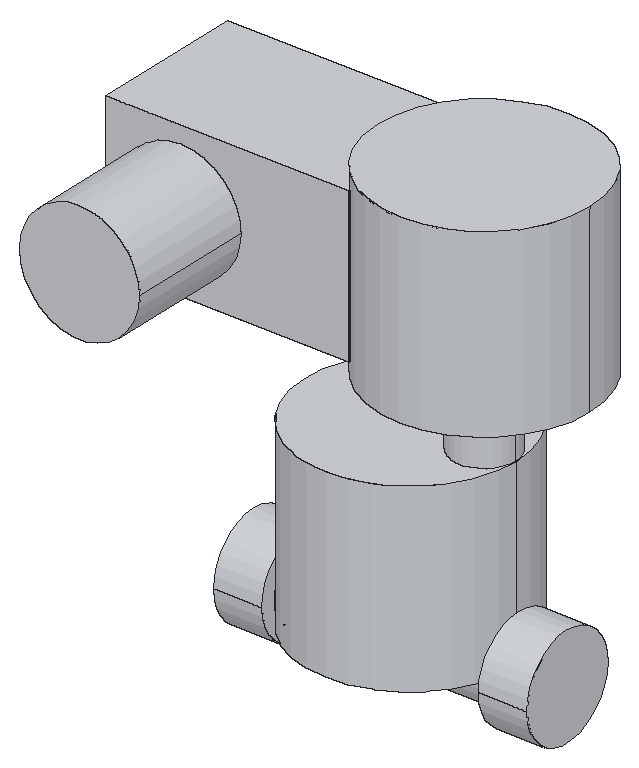
Revit family "M_Válvula solenóide - 15-80 mm", category Acessórios do tubo, Revit 2019
Family settings
  Cota do conector redondo = Usar raio
  Tipo de parte = Válvula - Quebra entre
  Número OmniClass = 23.65.55.14.17
  Título OmniClass = Adjusting/Controlling Valves for Liquid Services
  ID de item do Seek = Solenoid Valve - 15-80 mm-0000-CAN-ENU
  Com base no plano de trabalho = Não
  Sempre na vertical = Sim
  Corte com vazios quando carregada = Não
  Compartilhado = Não
Parameters (values of type "15 mm")
  Material da válvula = none
  Raio do símbolo = Diâmetro nominal * 5 / 20  # 3.75 mm
  Raio do tronco = Diâmetro do tronco / 2  # 6.5 mm
  Diâmetro do tronco = 13 mm
  Diâmetro externo da tubulação = Raio nominal * 2.25  # 16.875 mm
  Altura aberta = 91 mm
  Raio nominal = 7.5 mm
  Diâmetro nominal = Raio nominal * 2  # 15 mm
  Comprimento 3 = Diâmetro da chapeleta / 2.875  # 15.304 mm
  Comprimento 2 = Altura aberta / 1.38  # 65.942 mm
  Comprimento 1 = Diâmetro da carcaça da serpentina / 2 + 3.175 mm  # 15.621 mm
  Comprimento 4 = Altura aberta - Altura da meia serpentina  # 71.882 mm
  K Coefficient = 0.46
  Altura da meia serpentina = Altura da serpentina / 2  # 19.118 mm
  Largura do meio recobrimento de serpentina = Largura do recobrimento da serpentina / 2  # 15.931 mm
  Espessura do flange = 10 mm
  Raio da flange = Diâmetro da flange / 2  # 10.5 mm
  Diâmetro da flange = 21 mm
  Raio da serpentina = Diâmetro da serpentina / 2  # 22 mm
  Largura da carcaça da serpentina = 34 mm
  Raio da carcaça da serpentina = Diâmetro da carcaça da serpentina / 2  # 12.446 mm
  Diâmetro da carcaça da serpentina = Altura do recobrimento da serpentina / 1.28  # 24.893 mm
  Diâmetro da serpentina = Diâmetro da chapeleta  # 44 mm
  Largura do recobrimento da serpentina = Altura do recobrimento da serpentina  # 31.863 mm
  Altura do recobrimento da serpentina = Altura da serpentina / 1.2  # 31.863 mm
  Altura da serpentina = Altura da chapeleta  # 38.235 mm
  Altura do plugue inferior = 17 mm
  Diâmetro do plugue inferior = Diâmetro nominal  # 15 mm
  Raio da chapeleta = Diâmetro da chapeleta / 2  # 22 mm
  Altura da chapeleta = Altura aberta / 2.38  # 38.235 mm
  Diâmetro da chapeleta = 44 mm
  Comprimento do corpo = 65 mm
Types (8, lengths in mm): name | Raio do símbolo | Raio do tronco | Diâmetro do tronco | Diâmetro externo da tubulação | Altura aberta | Raio nominal | Diâmetro nominal | Comprimento 3 | Comprimento 2 | Comprimento 1 | Comprimento 4 | K Coefficient | Altura da meia serpentina | Largura do meio recobrimento de serpentina | Espessura do flange | Raio da flange | Diâmetro da flange | Raio da serpentina | Raio da carcaça da serpentina | Diâmetro da carcaça da serpentina | Diâmetro da serpentina | Largura do recobrimento da serpentina | Altura do recobrimento da serpentina | Altura da serpentina | Altura do plugue inferior | Diâmetro do plugue inferior | Raio da chapeleta | Altura da chapeleta | Diâmetro da chapeleta | Comprimento do corpo
  (no name) | 3.75 | 6.5 | 13 | 16.875 | 91 | 7.5 | 15 | 15.304 | 65.942 | 15.621 | 71.882 | 0.46 | 19.118 | 15.931 | 10 | 10.5 | 21 | 22 | 12.446 | 24.893 | 44 | 31.863 | 31.863 | 38.235 | 17 | 15 | 22 | 38.235 | 44 | 65
  15 mm | 3.75 | 6.5 | 13 | 16.875 | 91 | 7.5 | 15 | 15.304 | 65.942 | 15.621 | 71.882 | 0.46 | 19.118 | 15.931 | 10 | 10.5 | 21 | 22 | 12.446 | 24.893 | 44 | 31.863 | 31.863 | 38.235 | 17 | 15 | 22 | 38.235 | 44 | 65
  20 mm | 5 | 6.5 | 13 | 22.5 | 114 | 10 | 20 | 18.087 | 82.609 | 18.767 | 90.05 | 1.89 | 23.95 | 19.958 | 10 | 13.5 | 27 | 26 | 15.592 | 31.184 | 52 | 39.916 | 39.916 | 47.899 | 26 | 20 | 26 | 47.899 | 52 | 71
  25 mm | 6.25 | 9.5 | 19 | 28.125 | 118 | 12.5 | 25 | 23.304 | 85.507 | 19.314 | 93.21 | 1.84 | 24.79 | 20.658 | 11 | 17 | 34 | 33.5 | 16.139 | 32.279 | 67 | 41.317 | 41.317 | 49.58 | 30 | 25 | 33.5 | 49.58 | 67 | 96
  40 mm | 10 | 9.5 | 19 | 45 | 129 | 20 | 40 | 28.174 | 93.478 | 20.819 | 101.899 | 3.68 | 27.101 | 22.584 | 14 | 24 | 48 | 40.5 | 17.644 | 35.288 | 81 | 45.168 | 45.168 | 54.202 | 36 | 40 | 40.5 | 54.202 | 81 | 114
  50 mm | 12.5 | 11 | 22 | 56.25 | 135 | 25 | 50 | 33.739 | 97.826 | 21.639 | 106.639 | 3.95 | 28.361 | 23.634 | 16 | 30 | 60 | 48.5 | 18.464 | 36.929 | 97 | 47.269 | 47.269 | 56.723 | 44 | 50 | 48.5 | 56.723 | 97 | 128
  65 mm | 16.25 | 12.5 | 25 | 73.125 | 224 | 32.5 | 65 | 56.696 | 162.319 | 33.812 | 176.941 | 3.15 | 47.059 | 39.216 | 18 | 36.5 | 73 | 81.5 | 30.637 | 61.275 | 163 | 78.431 | 78.431 | 94.118 | 89 | 65 | 81.5 | 94.118 | 163 | 224
  80 mm | 20 | 12.5 | 25 | 90 | 224 | 40 | 80 | 56.696 | 162.319 | 33.812 | 176.941 | 4.61 | 47.059 | 39.216 | 19 | 44.5 | 89 | 81.5 | 30.637 | 61.275 | 163 | 78.431 | 78.431 | 94.118 | 89 | 80 | 81.5 | 94.118 | 163 | 224
Reference planes
  plane 1 "Centro (Frente/Trás)": y = 0
  plane 2: z = 0
  plane 3 "Centro (Esquerda/Direita)": x = 0
  plane 4: x = 15.304
  plane 5: x = 22.5
  plane 6: x = 32.5
  plane 7: x = -32.5
  plane 8: z = 38.235
  plane 9: x = -22.5
  plane 10: z = 71.882
  plane 11: z = 91
  plane 12: z = 52.765
  plane 13: y = 15.931
  plane 14: y = -15.931
  plane 15: z = 87.814
  plane 16: z = 55.951
  plane 17: x = -50.638
  plane 18: x = -35.016
  plane 19: y = -42.125
  plane 20: z = 64.618
Forms (mm)
  Extrusion 1, solid, material <- "Material da válvula", detail levels fine
    sketch origin (0, 0, 0) x (0, 1, 0) y (0, 0, 1)
      loop
        circle (0, 0) r 7.5
    from -22.5 to 22.5
  Extrusion 2, solid, material <- "Material da válvula", detail levels fine
    sketch origin (0, 0, 0) x (0, 1, 0) y (0, 0, 1)
      loop
        circle (0, 0) r 10.5
    from 22.5 to 32.5
  Extrusion 3, solid, material <- "Material da válvula", detail levels fine
    sketch origin (0, 0, 0) x (0, 1, 0) y (0, 0, -1)
      loop
        circle (0, 0) r 10.5
    from 22.5 to 32.5
  Extrusion 4, solid, material <- "Material da válvula", detail levels fine
    sketch origin (0, 0, 0) x (1, 0, 0) y (0, 1, 0)
      loop
        circle (0, 0) r 22
    from 0 to 38.235
  Extrusion 5, solid, material <- "Material da válvula", detail levels fine
    sketch origin (0, 0, 0) x (1, 0, 0) y (0, 1, 0)
      loop
        circle (15.304, 0) r 6.5
    from 38.235 to 52.765
  Extrusion 6, solid, material <- "Material da válvula", detail levels fine
    sketch origin (0, 0, 0) x (1, 0, 0) y (0, 1, 0)
      loop
        circle (15.304, 0) r 22
    from 52.765 to 91
  Extrusion 7, solid, material <- "Material da válvula", detail levels fine
    sketch origin (0, 0, 0) x (0, 1, 0) y (0, 0, 1)
      loop
        line (15.931, 87.814) -> (-15.931, 87.814) -> (-15.931, 55.951) -> (15.931, 55.951) -> (15.931, 87.814)
    from 0 to -50.638
  Extrusion 8, solid, material <- "Material da válvula", detail levels fine
    sketch origin (0, 0, 0) x (1, 0, 0) y (0, 0, 1)
      loop
        circle (-35.016, 71.882) r 12.446
    from 15.931 to 42.125
  Extrusion 9, solid, material <- "Material da válvula", detail levels fine
    sketch origin (0, 0, 0) x (0, 1, 0) y (0, 0, 1)
      loop
        line (15.931, 87.814) -> (-15.931, 87.814) -> (-15.931, 55.951) -> (15.931, 55.951) -> (15.931, 87.814)
    from -50.638 to 15.304
Cuts and joins
  joined: Extrusion 1, Extrusion 2, Extrusion 3, Extrusion 4, Extrusion 5, Extrusion 6
  joined: Extrusion 8, Extrusion 9
Lines and regions (mm)
  model lines, detail levels coarse+medium
    curve 1: line (0, 0, 0) -> (32.5, 0, 18.764)
    curve 2: line (0, 0, 0) -> (32.5, 0, -18.764)
    curve 3: line (32.5, 0, 18.764) -> (32.5, 0, -18.764)
    curve 4: line (-32.5, 0, 18.764) -> (-32.5, 0, -18.764)
    curve 5: line (-32.5, 0, -18.764) -> (0, 0, 0)
    curve 6: line (0, 0, 0) -> (-32.5, 0, 18.764)
    curve 7: line (0, 0, 0) -> (0, 0, 38.235)
    curve 8: line (22.5, 0, 38.235) -> (-22.5, 0, 38.235)
    curve 9: line (-22.5, 0, 38.235) -> (-22.5, 0, 91)
    curve 10: line (-22.5, 0, 91) -> (22.5, 0, 91)
    curve 11: line (22.5, 0, 91) -> (22.5, 0, 38.235)
    curve 12: arc (0, 0, 64.618) -> (-2.652, 0, 71.019) -> (3.75, 0, 68.368) r 3.75
    curve 13: arc (0, 0, 64.618) -> (2.652, 0, 58.216) -> (-3.75, 0, 60.868) r 3.75
Dimensions and locks
  equal spacing: plane 7, plane 3 "Centro (Esquerda/Direita)", plane 6
  "Comprimento do corpo": plane 7 to plane 6
  "Altura da chapeleta": plane 8 to plane 2
  "Comprimento 4": plane 10 to plane 2
  "Altura da meia serpentina": plane 11 to plane 10
  equal spacing: plane 11, plane 10, plane 12
  "Largura do meio recobrimento de serpentina": plane 1 "Centro (Frente/Trás)" to plane 14
  equal spacing: plane 13, plane 1 "Centro (Frente/Trás)", plane 14
  equal spacing: plane 15, plane 10, plane 16
  "Largura do meio recobrimento de serpentina": plane 15 to plane 10
  "Comprimento 2": plane 4 to plane 17
  "Comprimento 1": plane 18 to plane 17
  locked: plane 14 to plane 19 at 26.194
  "Espessura do flange": plane 7 to plane 9
  "Espessura do flange": plane 6 to plane 5
  "Comprimento 3": plane 3 "Centro (Esquerda/Direita)" to plane 4
  equal spacing: plane 11, plane 20, plane 8
  plane 10 to plane 20 to Extrusion 9 = 7.265 mm, 8.667 mm
  "Raio nominal": radius of Extrusion 1 sketch curve
  "Raio da flange": radius of Extrusion 2 sketch curve
  "Raio da flange": radius of Extrusion 3 sketch curve
  "Raio da chapeleta": radius of Extrusion 4 sketch curve
  "Raio do tronco": radius of Extrusion 5 sketch curve
  "Raio da serpentina": radius of Extrusion 6 sketch curve
  "Raio da carcaça da serpentina": radius of Extrusion 8 sketch curve
  "Raio do símbolo": radius of curve 13
  "Raio do símbolo": radius of curve 12
  locked: level to curve 1 (angle 30.00°)
  locked: curve 2 to level (angle 30.00°)
  locked: curve 6 to level (angle 30.00°)
  locked: plane 2 to curve 5 (angle 30.00°)
  aligned and locked: plane 1 "Centro (Frente/Trás)" to Extrusion 1 sketch curve
  aligned and locked: plane 2 to Extrusion 1 sketch curve
  aligned and locked: plane 1 "Centro (Frente/Trás)" to Extrusion 2 sketch curve
  aligned and locked: plane 2 to Extrusion 2 sketch curve
  aligned and locked: plane 6 to Extrusion 2
  aligned and locked: Extrusion 2 to plane 5
  aligned and locked: plane 5 to Extrusion 1
  aligned and locked: plane 9 to Extrusion 1
  aligned and locked: plane 7 to Extrusion 3
  aligned and locked: Extrusion 3 to Extrusion 1
  aligned and locked: plane 3 "Centro (Esquerda/Direita)" to Extrusion 4 sketch curve
  aligned and locked: plane 1 "Centro (Frente/Trás)" to Extrusion 4 sketch curve
  aligned and locked: plane 4 to Extrusion 5 sketch curve
  aligned and locked: plane 1 "Centro (Frente/Trás)" to Extrusion 5 sketch curve
  aligned and locked: plane 8 to Extrusion 4
  aligned and locked: Extrusion 5 to plane 12
  aligned and locked: Extrusion 5 to plane 8
  aligned and locked: plane 4 to Extrusion 6 sketch curve
  aligned and locked: plane 1 "Centro (Frente/Trás)" to Extrusion 6 sketch curve
  aligned and locked: plane 12 to Extrusion 6
  aligned and locked: plane 11 to Extrusion 6
  aligned and locked: plane 13 to Extrusion 7 sketch curve
  aligned and locked: plane 15 to Extrusion 7 sketch curve
  aligned and locked: plane 16 to Extrusion 7 sketch curve
  aligned and locked: plane 14 to Extrusion 7 sketch curve
  aligned and locked: Extrusion 7 to plane 17
  aligned and locked: plane 18 to Extrusion 8 sketch curve
  aligned and locked: plane 10 to Extrusion 8 sketch curve
  aligned and locked: plane 19 to Extrusion 8
  aligned and locked: Extrusion 8 to Extrusion 7
  aligned and locked: plane 13 to Extrusion 9 sketch curve
  aligned and locked: plane 15 to Extrusion 9 sketch curve
  aligned and locked: plane 16 to Extrusion 9 sketch curve
  aligned and locked: plane 14 to Extrusion 9 sketch curve
  aligned and locked: plane 4 to Extrusion 9
  aligned and locked: Extrusion 9 to plane 17
  aligned and locked: plane 2 to curve 1
  aligned and locked: plane 6 to curve 2
  aligned and locked: plane 3 "Centro (Esquerda/Direita)" to curve 2
  aligned and locked: curve 3 to plane 6
  aligned and locked: curve 9 to plane 9
  aligned and locked: plane 3 "Centro (Esquerda/Direita)" to curve 13
  aligned and locked: plane 20 to curve 13
Automatic sketch dimensions
  Extrusion 3 sketch curve to level = 0 mm
  Extrusion 3 sketch curve to plane 1 "Centro (Frente/Trás)" = 0 mm
  curve 4 to plane 7 = 0 mm
  curve 8 to plane 5 = 0 mm
  curve 7 to plane 8 = 0 mm
  curve 11 to plane 11 = 0 mm
  curve 12 to plane 20 = 0 mm
Connectors
  piping at (-32.5, 0, 0), diameter 15, driven by "Raio nominal"
    settings: on cut or joined group of Extrusion 1, Extrusion 2, Extrusion 3, Extrusion 4, Extrusion 5, Extrusion 6, index 1, connector inside diameter 15 mm, connector length 0 mm, flow factor 0, pipe flow 0.0 L/s, pressure drop 0.0 Pa, fitting loss kfactor 0, connector angle 0.00°, fixture units 0, engagement length 0 mm, angle of deflection 0.00°, flow configuration 0, flow direction 0, fitting loss method 2, system type 29, joint type 0, gender type 0, connector reference index 2, connector utility 0, adjustable connector no, is connector primary yes, connector description ""
  piping at (32.5, 0, 0), diameter 15, driven by "Raio nominal", driven by "K Coefficient"
    settings: on cut or joined group of Extrusion 1, Extrusion 2, Extrusion 3, Extrusion 4, Extrusion 5, Extrusion 6, index 2, connector inside diameter 15 mm, connector length 0 mm, flow factor 0, pipe flow 0.0 L/s, pressure drop 0.0 Pa, fitting loss kfactor 0.46, connector angle 0.00°, fixture units 0, engagement length 0 mm, angle of deflection 0.00°, flow configuration 0, flow direction 0, fitting loss method 2, system type 29, joint type 0, gender type 0, connector reference index 1, connector utility 0, adjustable connector no, is connector primary no, connector description ""
  electrical at (-50.638, 0, 71.882)
    settings: on Extrusion 9, index 3, voltage 0 V, apparent load 0 VA, apparent load phase1 0 VA, apparent load phase2 0 VA, apparent load phase3 0 VA, power factor 1, load classification "Outros", number of poles 1, system type 13, power factor state 1, is connector primary yes, connector utility no, sub classification motor no, connector description ""
